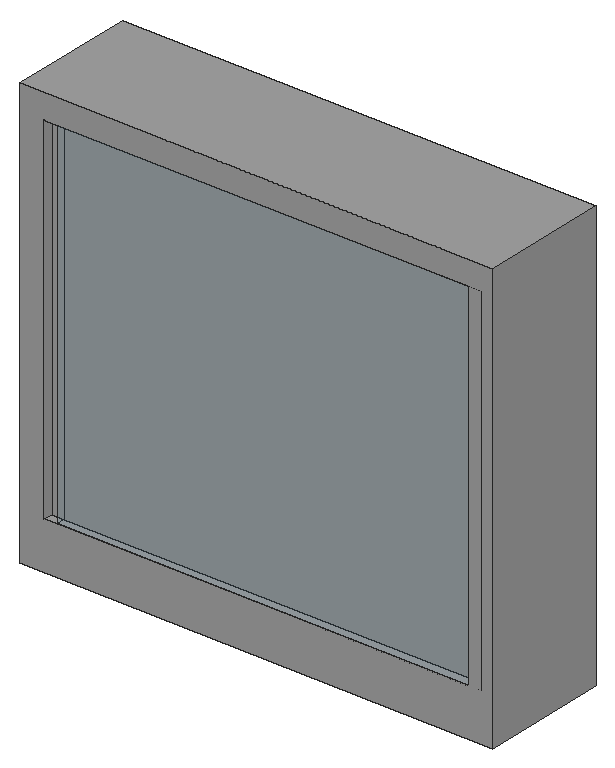
Revit family
Parameters (values of type "754mm Width")
  Material = Plastic - Gray
  Depth = 546.00 mm
  Height = 686.00 mm
  Width = 754.00 mm
  Assembly Code = ""
Types (4, lengths in mm): name | Depth | Height | Width
  648mm Width | 513.00 | 595.00 | 648.00
  520mm Width | 468.00 | 445.00 | 520.00
  754mm Width | 546.00 | 686.00 | 754.00
  935mm Width | 635.00 | 825.00 | 935.00
Reference planes
  plane 1 "Center (Front/Back)": y = 0
  plane 2: z = 0
  plane 3 "Center (Left/Right)": x = 0
  plane 4: z = 686
  plane 5: y = -349.25
  plane 6: x = 377
  plane 7: x = -377
  plane 8: y = -212.75
  plane 9: x = -338.9
  plane 10: x = 338.9
  plane 11: x = -303.975
  plane 12: x = 303.975
  plane 13: z = 38.1
  plane 14: z = 76.2
  plane 15: z = 647.106
  plane 16: z = 609.006
  plane 17: y = 60.25
  plane 18: y = 196.75
  plane 19: y = -76.25
Forms (mm)
  Extrusion 1, solid, material "Plastic - Gray" <- "Material"
    sketch origin (0, 0, 0) x (1, 0, 0) y (0, 1, 0)
      loop
        line (-377, -145) -> (-377, -349.25) -> (377, -349.25) -> (377, -145) -> (-377, -145)
    from 0 to 686
  Extrusion 2, void, material "Plastic - Gray"
    sketch origin (-377, -349.25, 686) x (0, 0, 1) y (1, 0, 0)
      loop
        line (-38.894, 38.1) -> (-38.894, 715.9) -> (-609.8, 715.9) -> (-609.8, 38.1) -> (-38.894, 38.1)
    from 0 to 14.728
  Extrusion 3, solid, material "Glass"
    sketch origin (-334.8, -349.25, 686) x (0, 0, -1) y (1, 0, 0)
      loop
        line (38.894, 17) -> (609.8, 17) -> (609.8, 694.8) -> (38.894, 694.8) -> (38.894, 17)
    from -14.728 to 0
Cuts and joins
  Extrusion 2 cuts Extrusion 1
Lines and regions (mm)
  model lines
    curve 1: line (-338.9, -349.25, 76.2) -> (338.9, -349.25, 76.2)
    curve 2: line (-338.9, -349.25, 647.106) -> (-338.9, -349.25, 76.2)
    curve 3: line (338.9, -349.25, 647.106) -> (-338.9, -349.25, 647.106)
    curve 4: line (338.9, -349.25, 76.2) -> (338.9, -349.25, 647.106)
  symbolic lines
    curve 5: line (471.1, -349.25, 0) -> (-428.9, -349.25, 0)
    curve 6: line (-428.9, -349.25, 0) -> (-428.9, -212.75, 0)
    curve 7: line (-428.9, -212.75, 0) -> (-338.9, -212.75, 0)
    curve 8: line (338.9, -212.75, 0) -> (471.1, -212.75, 0)
    curve 9: line (471.1, -212.75, 0) -> (471.1, -349.25, 0)
